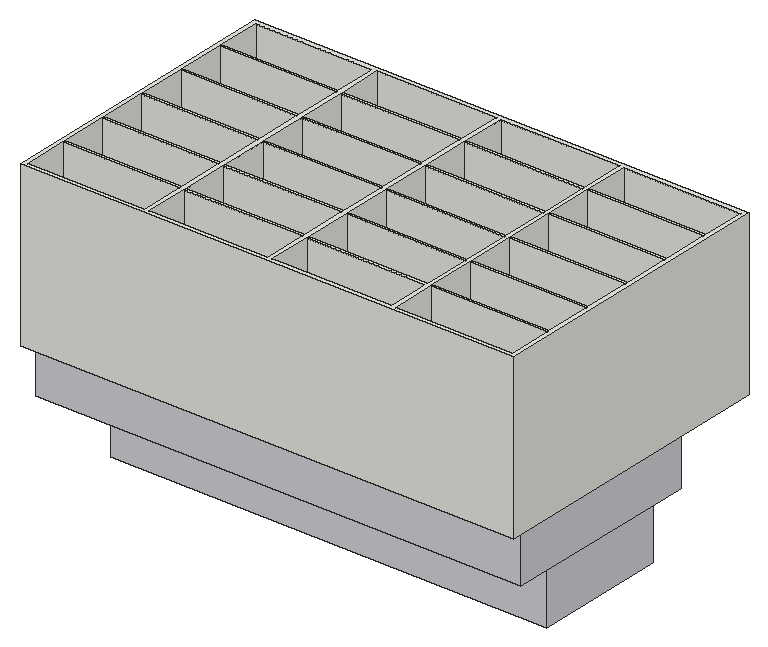
Revit family "CADS_AIRFLOWdev_AirTerminal_DoubleAirBrick_Intake", category Air Terminals, host Face, Revit 2015
Parameters (values of type "Stone")
  WorkExecutionLevel = "N/A"
  WeeklyMaintenance = "N/A"
  WarrantyStartDate [instance] = "N/A"
  WarrantyPeriod = "2"
  WarrantyIdentifier = "N/A"
  WarrantyGuarantorParts = "info@airflow.com"
  WarrantyGuarantorLabor = "info@airflow.com"
  WarrantyGuarantor = "Airflow Developments Ltd"
  WarrantyEndDate [instance] = "N/A"
  WarrantyContent = "Replacement of part if faulty"
  W = 140 mm
  Uniclass2015 = "Pr_65_70_46_01"
  TotalSurfaceArea [instance] = 0.035525 m²
  TagNumber [instance] = "N/A"
  Status [instance] = "New"
  Size = "80 x 245 x 145"
  ShippingWeight = 0.018 kg
  Shape = "Rectangular"
  ServiceLifeType = "EXPECTEDSERVICELIFE"
  ServiceLifeDuration = "10"
  SerialNumber [instance] = "N/A"
  ReplacementCost = "52.416"
  QuarterlyMaintenance = "N/A"
  QualityOfComponents = "N/A"
  ProductionYear = "2017"
  ProductLiterature = "N/A"
  PointOfContact = "Airflow Developments Ltd"
  Perimeter [instance] = 680 mm
  OutdoorEnviornment = "N/A"
  OperationAndMaintenanceManual = "N/A"
  NumberOfSlots = 44
  NominalWidth = 245 mm
  NominalLength = 80 mm
  NominalHeight = 145 mm
  NBSCode = "90-75-50/370 Air terminals;"
  MountingType = "FLATFLUSH"
  MonthlyMaintenance = "N/A"
  ModelReference = "90000132"
  ModelLabel = "204 x 60mm Double Airbrick duct adaptor (Cotswold Stone)"
  MeanTimeBetweenFailure = "N/A"
  Material = "Plastic"
  ManufacturerWebsite = "www.airflow.com"
  ManufacturerTelephone = "01494 525252"
  ManufacturerE-Mail = "info@airflow.com"
  ManufacturerAddress = "Aidelle House\nLancaster Road\nCressex Business Park\nHigh Wycombe\nBucks\nHP123QP"
  Manufacturer = "Airflow Developments Ltd"
  MaintenanceRequired8001to12000hrs = "N/A"
  MaintenanceRequired601to1000hrs = "N/A"
  MaintenanceRequired4001to8000hrs = "N/A"
  MaintenanceRequired301to600hrs = "N/A"
  MaintenanceRequired2001to4000hrs = "N/A"
  MaintenanceRequired1001to2000hrs = "N/A"
  MaintenanceRequired0to300hrs = "N/A"
  MaintenanceLevel = "N/A"
  L = 235 mm
  IsExtendedWarranty = no
  IndoorEnviornment = "N/A"
  InUseConditions = "N/A"
  ISO90001 = yes
  ISO140001 = yes
  HasThermalInsulation = no
  HasSoundAttenuator = no
  HasIntegralControl = no
  H = 155 mm
  GrossWeight = 0.015 kg
  Grade = "Virgin"
  GlobalTradeItemNumber = "5019009310404"
  FlowControlType = "NONE"
  Flow [instance] = 0.0 L/s
  Finish = "Matte"
  Features [instance] = "204 x 60mm Double Airbrick duct adaptor (Cotswold Stone)"
  FaceType = "LOUVERED"
  Exclusions = "Incorrect Use / Incorrect Installation / Installed by a non-accredited electrician. Customer abuse."
  DurationUnit = "Years"
  Double_AirBrick = CADS_AirFlow_Stone
  DesignLevel = "N/A"
  Description = "204 x 60mm Double Airbrick duct adaptor (Cotswold Stone)"
  Default Elevation = 1219.2 mm
  DailyMaintenance = "N/A"
  Constituents = "Costwold Stone"
  Color = "Costwold Stone"
  CodePerformance = "N/A"
  CEApproval = yes
  BespokeTimeFrameMaintenance = "N/A"
  AssetType = "Fixed"
  AssetIdentifier [instance] = "N/A"
  AssemblyPlace = "N/A"
  AnnualMaintenance = "N/A"
  AirflowRateRange = "0-61"
  AccessibilityPerformance = "N/A"
  6MonthlyMaintenance = "Visually inspect system, clean the fan and ducting if necessary"
Types (4, lengths in mm): name | ModelReference | ModelLabel | GlobalTradeItemNumber | Features | Double_AirBrick | Description | Constituents | Color
  (no name) | "90000132" | "204 x 60mm Double Airbrick duct adaptor (Cotswold Stone)" | "5019009310404" | "204 x 60mm Double Airbrick duct adaptor (Cotswold Stone)" | CADS_AirFlow_Stone | "204 x 60mm Double Airbrick duct adaptor (Cotswold Stone)" | "Costwold Stone" | "Costwold Stone"
  Terracotta | "90000077" | "204 x 60mm Double Airbrick duct adaptor (Terracotta)" | "5019009308944" | "204 x 60mm Double Airbrick duct adaptor (Terracotta)" | CADS_AirFlow_Terracotta | "204 x 60mm Double Airbrick duct adaptor (Terracotta)" | "Terracotta" | "Terracotta"
  White | "90000076" | "204 x 60mm Double Airbrick duct adaptor (White)" | "5019009308937" | "204 x 60mm Double Airbrick duct adaptor (White)" | CADS_AirFlow_White | "204 x 60mm Double Airbrick duct adaptor (White)" | "White" | "White"
  Stone | "90000132" | "204 x 60mm Double Airbrick duct adaptor (Cotswold Stone)" | "5019009310404" | "204 x 60mm Double Airbrick duct adaptor (Cotswold Stone)" | CADS_AirFlow_Stone | "204 x 60mm Double Airbrick duct adaptor (Cotswold Stone)" | "Costwold Stone" | "Costwold Stone"
Reference planes
  plane 1 "Center (Front/Back)": y = 0
  plane 2: z = 0
  plane 3 "Center (Left/Right)": x = 0
  plane 4: x = -117.5
  plane 5: x = 117.5
  plane 6 "Top": y = 70
  plane 7: y = -70
  plane 8: z = -136.5
  plane 9: z = -77.5
  plane 10: x = -58.75
  plane 11: x = 58.75
  plane 12: y = 46.667
  plane 13: y = -46.667
  plane 14: y = 47.167
  plane 15: y = 68
  plane 16: y = 46.167
  plane 17: y = 0.5
  plane 18: y = -0.5
  plane 19: y = -46.167
  plane 20: y = -47.167
  plane 21: y = -68
  plane 22: x = -115.5
  plane 23: x = -59.75
  plane 24: x = -57.75
  plane 25: x = 57.75
  plane 26: x = 59.75
  plane 27: x = 115.5
  plane 28: x = -1
  plane 29: x = 1
  plane 30: y = 23.333
  plane 31: y = 23.833
  plane 32: y = 22.833
  plane 33: y = -23.333
  plane 34: y = -22.833
  plane 35: y = -23.833
  plane 36: y = 32
  plane 37: y = 30
  plane 38: z = -101.5
  plane 39: y = -63
  plane 40: y = -33
  plane 41: z = -117.5
  plane 42: y = 28.5
  plane 43: y = -31.5
  plane 44: x = -102
  plane 45: x = 102
  plane 46: y = -1.5
  plane 47: x = -104
  plane 48: x = 104
Forms (mm)
  Extrusion 1, solid, material "CADS_AirFlow_Stone" <- "Double_AirBrick"
    sketch origin (0, 0, 0) x (1, 0, 0) y (0, 1, 0)
      loop
        line (-117.5, 70) -> (-117.5, -70) -> (117.5, -70) -> (117.5, 70) -> (-117.5, 70)
    from -77.5 to 0
  Extrusion 2, void
    sketch origin (0, 0, 0) x (1, 0, 0) y (0, 1, 0)
      loop
        line (-115.5, 68) -> (-115.5, 47.167) -> (-59.75, 47.167) -> (-59.75, 68) -> (-115.5, 68)
      loop
        line (-57.75, 68) -> (-57.75, 47.167) -> (-1, 47.167) -> (-1, 68) -> (-57.75, 68)
      loop
        line (1, 68) -> (1, 47.167) -> (57.75, 47.167) -> (57.75, 68) -> (1, 68)
      loop
        line (59.75, 68) -> (59.75, 47.167) -> (115.5, 47.167) -> (115.5, 68) -> (59.75, 68)
      loop
        line (-115.5, 22.833) -> (-115.5, 0.5) -> (-59.75, 0.5) -> (-59.75, 22.833) -> (-115.5, 22.833)
      loop
        line (-57.75, 22.833) -> (-57.75, 0.5) -> (-1, 0.5) -> (-1, 22.833) -> (-57.75, 22.833)
      loop
        line (1, 22.833) -> (1, 0.5) -> (57.75, 0.5) -> (57.75, 22.833) -> (1, 22.833)
      loop
        line (59.75, 22.833) -> (59.75, 0.5) -> (115.5, 0.5) -> (115.5, 22.833) -> (59.75, 22.833)
      loop
        line (-115.5, -23.833) -> (-115.5, -46.167) -> (-59.75, -46.167) -> (-59.75, -23.833) -> (-115.5, -23.833)
      loop
        line (-57.75, -23.833) -> (-57.75, -46.167) -> (-1, -46.167) -> (-1, -23.833) -> (-57.75, -23.833)
      loop
        line (1, -23.833) -> (1, -46.167) -> (57.75, -46.167) -> (57.75, -23.833) -> (1, -23.833)
      loop
        line (59.75, -23.833) -> (59.75, -46.167) -> (115.5, -46.167) -> (115.5, -23.833) -> (59.75, -23.833)
      loop
        line (-115.5, -47.167) -> (-115.5, -68) -> (-59.75, -68) -> (-59.75, -47.167) -> (-115.5, -47.167)
      loop
        line (-57.75, -47.167) -> (-57.75, -68) -> (-1, -68) -> (-1, -47.167) -> (-57.75, -47.167)
      loop
        line (1, -47.167) -> (1, -68) -> (57.75, -68) -> (57.75, -47.167) -> (1, -47.167)
      loop
        line (59.75, -47.167) -> (59.75, -68) -> (115.5, -68) -> (115.5, -47.167) -> (59.75, -47.167)
      loop
        line (-115.5, 46.167) -> (-115.5, 23.833) -> (-59.75, 23.833) -> (-59.75, 46.167) -> (-115.5, 46.167)
      loop
        line (-57.75, 46.167) -> (-57.75, 23.833) -> (-1, 23.833) -> (-1, 46.167) -> (-57.75, 46.167)
      loop
        line (1, 46.167) -> (1, 23.833) -> (57.75, 23.833) -> (57.75, 46.167) -> (1, 46.167)
      loop
        line (59.75, 46.167) -> (59.75, 23.833) -> (115.5, 23.833) -> (115.5, 46.167) -> (59.75, 46.167)
      loop
        line (-115.5, -0.5) -> (-115.5, -22.833) -> (-59.75, -22.833) -> (-59.75, -0.5) -> (-115.5, -0.5)
      loop
        line (-57.75, -0.5) -> (-57.75, -22.833) -> (-1, -22.833) -> (-1, -0.5) -> (-57.75, -0.5)
      loop
        line (1, -0.5) -> (1, -22.833) -> (57.75, -22.833) -> (57.75, -0.5) -> (1, -0.5)
      loop
        line (59.75, -0.5) -> (59.75, -22.833) -> (115.5, -22.833) -> (115.5, -0.5) -> (59.75, -0.5)
    from -77.5 to 0
  Extrusion 3, void
    sketch origin (0, 0, 0) x (1, 0, 0) y (0, 1, 0)
      loop
        line (-117.5, 70) -> (-117.5, -70) -> (117.5, -70) -> (117.5, 70) -> (-117.5, 70)
    from -136.5 to 0
  Extrusion 4, solid
    sketch origin (0, 0, 0) x (0, 1, 0) y (0, 0, 1)
      loop
        line (32, -77.5) -> (-63, -77.5) -> (-63, -101.5) -> (32, -101.5) -> (32, -77.5)
    from -115.5 to 115.5
  Extrusion 5, solid
    sketch origin (0, 0, 0) x (0, 1, 0) y (0, 0, 1)
      loop
        line (30, -101.5) -> (-33, -101.5) -> (-33, -136.5) -> (30, -136.5) -> (30, -101.5)
    from -104 to 104
  Extrusion 6, void
    sketch origin (0, 0, 0) x (0, 1, 0) y (0, 0, 1)
      loop
        line (28.5, -117.5) -> (-31.5, -117.5) -> (-31.5, -136.5) -> (28.5, -136.5) -> (28.5, -117.5)
    from -102 to 102
Cuts and joins
  Extrusion 2 cuts Extrusion 1
  Extrusion 6 cuts Extrusion 5
Dimensions and locks
  equal spacing: plane 4, plane 3 "Center (Left/Right)", plane 5
  equal spacing: plane 6 "Top", plane 1 "Center (Front/Back)", plane 7
  "W": plane 6 "Top" to plane 7
  "L": plane 4 to plane 5
  equal spacing: plane 4, plane 10, plane 3 "Center (Left/Right)"
  equal spacing: plane 3 "Center (Left/Right)", plane 11, plane 5
  locked: plane 6 "Top" to plane 15 at 2
  locked: plane 14 to plane 12 at 0.5
  locked: plane 12 to plane 16 at 0.5
  locked: plane 17 to plane 1 "Center (Front/Back)" at 0.5
  locked: plane 18 to plane 1 "Center (Front/Back)" at 0.5
  locked: plane 19 to plane 13 at 0.5
  locked: plane 13 to plane 20 at 0.5
  locked: plane 21 to plane 7 at 2
  locked: plane 4 to plane 22 at 2
  plane 23 to plane 10 to plane 24 = 1 mm locked, 1 mm locked
  plane 25 to plane 11 to plane 26 = 1 mm locked, 1 mm locked
  locked: plane 27 to plane 5 at 2
  plane 28 to plane 3 "Center (Left/Right)" to plane 29 = 1 mm locked, 1 mm locked
  locked: plane 31 to plane 30 at 0.5
  locked: plane 30 to plane 32 at 0.5
  locked: plane 34 to plane 33 at 0.5
  locked: plane 33 to plane 35 at 0.5
  equal spacing: plane 1 "Center (Front/Back)", plane 33, plane 13, plane 7
  equal spacing: plane 1 "Center (Front/Back)", plane 30, plane 12, plane 6 "Top"
  locked: plane 6 "Top" to plane 36 at 38
  locked: plane 36 to plane 37 at 2
  locked: level to plane 9 at 77.5
  plane 9 to plane 38 = 24 mm
  plane 38 to plane 8 = 35 mm
  locked: plane 36 to plane 39 at 95
  locked: plane 37 to plane 40 at 63
  plane 45 to plane 44 = 204 mm
  equal spacing: plane 45, plane 3 "Center (Left/Right)", plane 44
  locked: plane 41 to plane 8 at 19
  equal spacing: plane 37, plane 46, plane 40
  plane 42 to plane 46 to plane 43 = 30 mm locked, 30 mm locked
  plane 44 to plane 47 = 2 mm
  plane 48 to plane 45 = 2 mm
  aligned and locked: plane 2 to host face
  aligned and locked: level to host face
  aligned and locked: plane 4 to Extrusion 1 sketch curve
  aligned and locked: plane 7 to Extrusion 1 sketch curve
  aligned and locked: level to Extrusion 1
  aligned and locked: plane 22 to Extrusion 2 sketch curve  (x6)
  aligned and locked: plane 14 to Extrusion 2 sketch curve  (x4)
  aligned and locked: Extrusion 2 sketch curve to plane 23  (x5)
  aligned and locked: Extrusion 2 sketch curve to plane 15  (x3)
  aligned and locked: plane 24 to Extrusion 2 sketch curve  (x6)
  aligned and locked: Extrusion 2 sketch curve to plane 28  (x5)
  aligned and locked: Extrusion 2 sketch curve to plane 25  (x4)
  aligned and locked: Extrusion 2 sketch curve to plane 27  (x6)
  aligned and locked: plane 17 to Extrusion 2 sketch curve  (x3)
  aligned and locked: Extrusion 2 sketch curve to plane 29  (x4)
  aligned and locked: plane 19 to Extrusion 2 sketch curve  (x3)
  aligned and locked: plane 26 to Extrusion 2 sketch curve  (x4)
  aligned and locked: plane 21 to Extrusion 2 sketch curve  (x3)
  aligned and locked: Extrusion 2 sketch curve to plane 20  (x2)
  aligned and locked: level to Extrusion 2
  aligned and locked: Extrusion 3 sketch curve to plane 6 "Top"
  aligned and locked: plane 4 to Extrusion 3 sketch curve
  aligned and locked: plane 7 to Extrusion 3 sketch curve
  aligned and locked: Extrusion 3 sketch curve to plane 5
  aligned and locked: level to Extrusion 3
  aligned and locked: Extrusion 2 sketch curve to plane 32
  aligned and locked: Extrusion 2 sketch curve to Extrusion 2 sketch curve  (x5)
  aligned and locked: Extrusion 2 sketch curve to plane 35
  aligned and locked: Extrusion 2 sketch curve to plane 16  (x3)
  aligned and locked: plane 31 to Extrusion 2 sketch curve
  aligned and locked: Extrusion 2 sketch curve to plane 18
  aligned and locked: plane 9 to Extrusion 4 sketch curve
  aligned and locked: plane 39 to Extrusion 4 sketch curve
  aligned and locked: plane 38 to Extrusion 5 sketch curve
  aligned and locked: Extrusion 5 sketch curve to plane 8
  aligned and locked: plane 43 to Extrusion 6 sketch curve
  aligned and locked: Extrusion 4 to plane 22
  aligned and locked: plane 27 to Extrusion 4
  aligned and locked: Extrusion 6 to plane 44
  aligned and locked: plane 45 to Extrusion 6
  aligned and locked: plane 41 to Extrusion 6 sketch curve
  aligned and locked: Extrusion 5 to plane 47
  aligned and locked: plane 48 to Extrusion 5
Automatic sketch dimensions
  host sketch curve to host sketch curve = 2438.4 mm  (x2)
  Extrusion 1 sketch curve to plane 5 = 0 mm
  Extrusion 1 sketch curve to plane 6 "Top" = 0 mm
  Extrusion 2 sketch curve to plane 23 = 0 mm
  Extrusion 2 sketch curve to plane 28 = 0 mm
  Extrusion 2 sketch curve to plane 29 = 0 mm  (x2)
  Extrusion 2 sketch curve to plane 25 = 0 mm  (x2)
  Extrusion 2 sketch curve to plane 26 = 0 mm  (x2)
  Extrusion 2 sketch curve to plane 18 = 0 mm  (x3)
  Extrusion 2 sketch curve to plane 21 = 0 mm
  Extrusion 2 sketch curve to plane 20 = 0 mm  (x2)
  Extrusion 2 sketch curve to plane 19 = 0 mm
  Extrusion 2 sketch curve to plane 34 = 0 mm  (x4)
  Extrusion 2 sketch curve to plane 17 = 0 mm
  Extrusion 2 sketch curve to plane 32 = 0 mm
  Extrusion 2 sketch curve to plane 31 = 0 mm  (x3)
  Extrusion 2 sketch curve to plane 16 = 0 mm
  Extrusion 2 sketch curve to plane 15 = 0 mm
  Extrusion 4 sketch curve to plane 36 = 0 mm
  Extrusion 4 sketch curve to plane 38 = 0 mm
  Extrusion 5 sketch curve to plane 40 = 0 mm
  Extrusion 5 sketch curve to plane 37 = 0 mm
  Extrusion 6 sketch curve to plane 8 = 0 mm
  Extrusion 6 sketch curve to plane 42 = 0 mm
Connectors
  hvac at (0, -1.5, -117.5), driven by "Flow"
    settings: on cut or joined group of Extrusion 5, Extrusion 6, index 1, duct flow 0.0 L/s, flow factor 0, pres drop 0.0 Pa, loss coef 0, conn angle 0.00°, conn width 60 mm, conn height 204 mm, conn diameter 609.6 mm, duct sys type 4, conn prof type 1, flow config 0, flow direction 2, loss method 0, conn ref index -1, conn util no, is conn primary yes, conn desc ""
